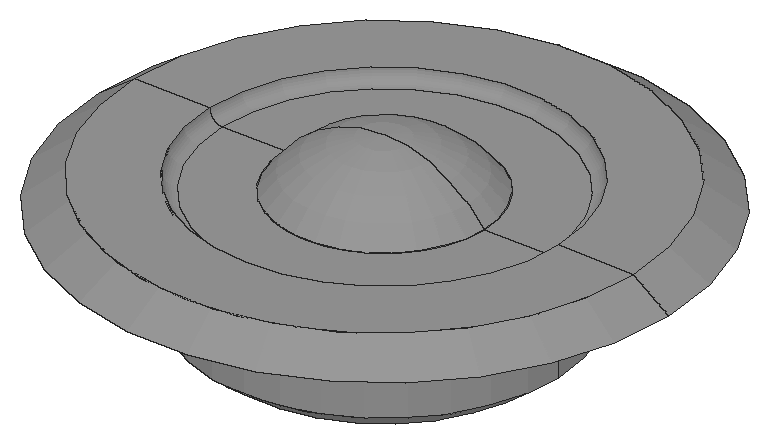
Revit family "2059459", category Lighting Fixtures, host Face, Revit 2016
Family settings
  Host = Face
  Part Type = Normal
  Round Connector Dimension = Use Diameter
  OmniClass Number = 23.80.70.00
  OmniClass Title = Lighting
  Cut with Voids When Loaded = No
  Light Source = Yes
  Shared = No
  Room Calculation Point = No
Parameters (values of type "2059459 ROUTELED II OPEN AREA")
  Weight = "0.256 kg"
  Wattage Comments = ""
  Wattage = 2 W
  WarrantyStartDate [instance] = "n/a"
  WarrantyGuarantorParts = "n/a"
  WarrantyDurationUnit = "n/a"
  WarrantyDurationParts = "n/a"
  WarrantyDescription = "n/a"
  built-in parameter 1150110 = 1 (stored number, unit not read)
  Voltage = 0 V
  URL = "http://www.sylvania-lighting.com"
  TypeName = "ROUTELED II OPEN AREA"
  Type Image = <None>
  Type Comments = "n/a"
  built-in parameter 1114217 = 1 (stored number, unit not read)
  Tilt Angle = -90.00°
  built-in parameter 1150109 = 1 (stored number, unit not read)
  built-in parameter 1150134 = 2
  built-in parameter 1150113 = 1 (stored number, unit not read)
  SerialNumber [instance] = "n/a"
  Photometric Web File = "2059459.ies"
  OpenArea_SYL = yes
  Material_3_SYL = LED-Sylvania
  PowerFactor = 0
  PowerConsumption = "2 W"
  NominalLength = 416 mm
  NominalHeight = 27 mm
  NominalDepth = 27 mm
  Name = "ROUTELED II OPEN AREA"
  ModelReference = Name  # "ROUTELED II OPEN AREA"
  ModelNumber = "2059459"
  Model = Name  # "ROUTELED II OPEN AREA"
  Material = "aluminium housing"
  ManufacturerName = "Feilo Sylvania"
  Manufacturer = "Feilo Sylvania"
  LuminousEfficacy = "109.5 lm/W"
  built-in parameter 1150105 = 46.63 (stored number, unit not read)
  Lumens = 219 lm
  LuminaireType = ""
  built-in parameter 1150115 = 1 (stored number, unit not read)
  LightOutputRatio = "100"
  built-in parameter 1150137 = (empty or 0)
  built-in parameter 1150139 = (empty or 0)
  LampsType = Lamp  # "LED"
  LampNominalLuminous = "219 lm"
  LampMacAdamStep = "5"
  LampColourTemperature = "5000 K"
  LampColourRenderingIndex = "70"
  built-in parameter 1150112 = 1 (stored number, unit not read)
  built-in parameter 1150114 = 1 (stored number, unit not read)
  Lamp = "LED"
  Keynote = "16500"
  InstallationDate [instance] = "n/a"
  InputVoltage = "n/a"
  InputNominalFrequency = "n/a"
  built-in parameter 1150132 = (empty or 0)
  built-in parameter 1150102 = (empty or 0)
  built-in parameter 1150107 = 5000 (stored number, unit not read)
  built-in parameter 1150138 = (empty or 0)
  IngressProtection = "IP20"
  ImpactProtectionIndex = "IK07"
  built-in parameter 1150106 = 0.4663 (stored number, unit not read)
  IfcExportType = "IfcLightFixtureType"
  IfcExportAs = "IfcLightFixtureType"
  Emit from Circle Diameter = 16 mm
  Emit Shape Visible in Rendering = no
  ElectricShockClassification = "Class II"
  built-in parameter 1150104 = 10.173 (stored number, unit not read)
  DocumentationLiterature = "http://www.sylvania-lighting.com/product/en-int/products/2059459"
  DimmingControlOptions = "n/a"
  Material_2_SYL = Polycarbonate, Clear
  Dimming Lamp Color Temperature Shift = <None>
  Description = "Miniature emergency recessed luminaire downlight with open area optic, non-maintained 3 hr emergency, standalone unit with inverter module and rechargeable battery (NiMH), quick and easy installation with inverter module and battery pack contained in articulated case that can pass through 40mm cutout, 219lm, 3W, IK07, beam angle 148 degrees, 230V, 50-60Hz, recharge period 24 hours, Power Factor 0.45, charge current 300mA, LxWxD (mm) 416x29x26."
  Default Elevation = 1219.2 mm
  CreatedOn = "5/27/2019"
  CreatedBy = "@sylvania-lighting.com"
  Cost = 0
  Corridor_SYL = no
  Color Filter = 16777215
  built-in parameter 1114216 [instance] = (empty or 0)
  ClassificationValue = "EF_70_80"
  ClassificationName = "Uniclass2015"
  Material_1_SYL = Aluminum
  BarCode [instance] = "n/a"
  built-in parameter 1114218 = 1 (stored number, unit not read)
  built-in parameter 1150133 = 10 (stored number, unit not read)
  AssetType = "Fixed"
  AssetIdentifier [instance] = "n/a"
  Assembly Code = "D5020200"
  Apparent Load = 2 VA
  Material_4_SYL = none
Reference planes
  plane 1 "Center (Front/Back)": y = 0
  plane 2: z = 0
  plane 3 "Center (Left/Right)": x = 0
  plane 4: x = -20
  plane 5: x = -22.8
  plane 6: x = -8
  plane 7: z = 2
  plane 8: z = 1
  plane 9: x = -12
  plane 10: z = 5
  plane 11: z = -9
  plane 12: z = -7.5
  plane 13: x = -14
Forms (mm)
  Revolve 1, solid, material "Aluminum" <- "Material_1_SYL"
    sketch origin (0, 0, 0) x (1, 0, 0) y (0, 0, 1)
      loop
        line (-14, 2) -> (-20, 2) -> (-22.8, 0) -> (-14, 0) -> (-14, -7.5) -> (-12, -9) -> (0, -9) -> (0, 0) -> (-8, 0) -> (-8, 1) -> (-13, 1)
        arc (-13, 1) -> (-13.707, 1.293) -> (-14, 2) r 1
      axis (0, 2) -> (0, -9)
    angle from 360 to 0
  Revolve 2, solid, material "Polycarbonate, Clear" <- "Material_2_SYL", visible <- "OpenArea_SYL"
    sketch origin (0, 0, 0) x (1, 0, 0) y (0, 0, 1)
      loop
        arc (0, 5) -> (-4.472, 3.944) -> (-8, 1) r 10
        line (-8, 1) -> (-8, 0) -> (0, 0) -> (0, 5)
      axis (0, 5) -> (0, 0)
    angle from 360 to 0
  Revolve 3, solid, material "Polycarbonate, Clear" <- "Material_2_SYL", visible <- "Corridor_SYL"
    sketch origin (100, -4572, 1) x (0, -1, 0) y (1, 0, 0)
      loop
        arc (-4580, -100) -> (-4579.691, -101.2) -> (-4578.825, -102.087) r 2.403
        arc (-4578.825, -102.087) -> (-4575.539, -103.484) -> (-4572, -103.962) r 13.359
        arc (-4572, -103.962) -> (-4568.461, -103.484) -> (-4565.175, -102.087) r 13.359
        arc (-4565.175, -102.087) -> (-4564.309, -101.2) -> (-4564, -100) r 2.403
        line (-4564, -100) -> (-4580, -100)
      axis (-4580, -100) -> (-4564, -100)
    angle from -180 to 0
  Revolve 4, void
    sketch origin (0, 0, 0) x (1, 0, 0) y (0, 0, 1)
      loop
        line (0, -9) -> (0, 0) -> (-20, 0) -> (-20, -9) -> (0, -9)
      axis (0, 0) -> (0, -9)
    angle from 360 to 0
Cuts and joins
  Revolve 4 cuts Revolve 2
Lines and regions (mm)
  reference lines
    curve 1: arc (-2.087, 6.825, 0) -> (-3.484, 3.539, 0) -> (-3.962, 0, 0) r 13.359
    curve 2: arc (-2.087, 6.825, 0) -> (-1.2, 7.691, 0) -> (0, 8, 0) r 2.403
    curve 3: arc (-2.087, -6.825, 0) -> (-3.484, -3.539, 0) -> (-3.962, 0, 0) r 13.359
    curve 4: arc (-2.087, -6.825, 0) -> (-1.2, -7.691, 0) -> (0, -8, 0) r 2.403
Dimensions and locks
  plane 3 "Center (Left/Right)" to plane 6 to plane 4 to plane 5 = 8 mm locked, 12 mm locked, 2.8 mm locked
  locked: plane 7 to plane 2 at 2
  locked: plane 7 to plane 8 at 1
  aligned and locked: plane 2 to host face
  aligned and locked: level to host face
  aligned and locked: Revolve 1 sketch curve to plane 3 "Center (Left/Right)"
  aligned and locked: Revolve 1 sketch curve to plane 7
  aligned and locked: plane 5 to Revolve 1 sketch curve
  aligned and locked: Revolve 1 sketch curve to level  (x2)
  aligned and locked: Revolve 1 sketch curve to plane 13
  aligned and locked: plane 9 to Revolve 1 sketch curve
  aligned and locked: plane 3 "Center (Left/Right)" to Revolve 1 sketch curve  (x2)
  aligned and locked: plane 11 to Revolve 1 sketch curve
  aligned and locked: plane 8 to Revolve 1 sketch curve
  aligned and locked: Revolve 1 sketch curve to plane 6
  aligned and locked: plane 7 to Revolve 1 sketch curve
  aligned and locked: plane 13 to Revolve 1 sketch curve
  aligned and locked: Revolve 2 sketch curve to Revolve 1  (x2)
  aligned and locked: host face to Revolve 2 sketch curve  (x2)
  aligned and locked: Revolve 2 sketch curve to plane 3 "Center (Left/Right)"  (x2)
  aligned and locked: plane 3 "Center (Left/Right)" to curve 2
  aligned and locked: Revolve 3 sketch curve to plane 3 "Center (Left/Right)"  (x2)
  aligned and locked: Revolve 3 sketch curve to curve 2
  aligned and locked: Revolve 3 sketch curve to curve 1
  aligned and locked: Revolve 3 sketch curve to curve 3
  aligned and locked: Revolve 3 sketch curve to curve 4
  aligned and locked: Revolve 4 sketch curve to Revolve 1
  aligned and locked: Revolve 4 sketch curve to plane 3 "Center (Left/Right)"  (x2)
  aligned and locked: Revolve 4 sketch curve to level
  aligned and locked: plane 4 to Revolve 4 sketch curve
  aligned and locked: imposter light to plane 10
  aligned and locked: plane 3 "Center (Left/Right)" to imposter light
  aligned and locked: imposter light to plane 1 "Center (Front/Back)"
